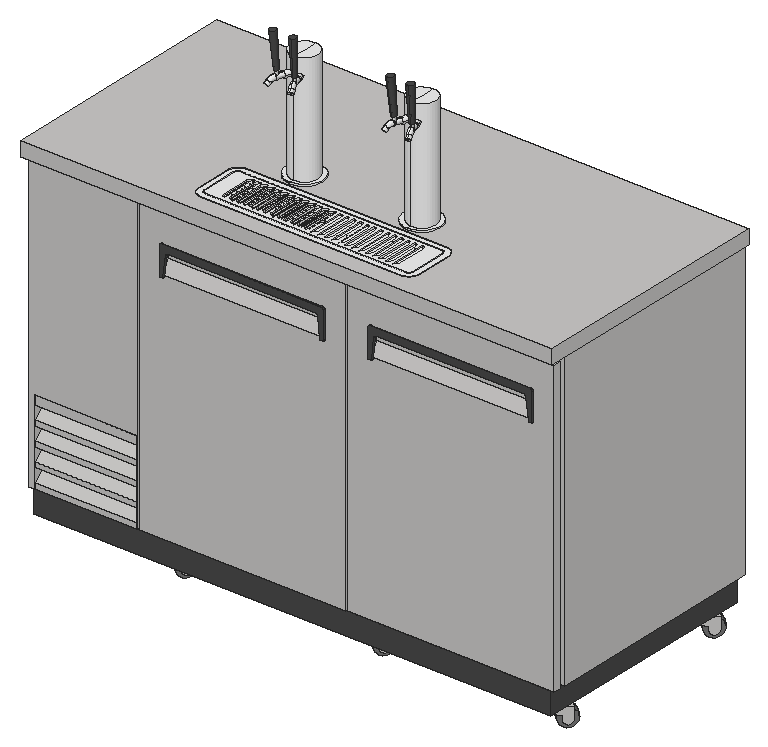
Revit family "QF_Turbo Air_TBD-2", category Specialty Equipment, Revit 2014
Parameters (values of type "TBD-2SD")
  Weight in Pounds = 303
  Watermarked By = ""
  Volts = 115 V
  URL Cutsheet = ""
  URL = "www.turboairinc.com"
  Status [instance] = ""
  Specification by User [instance] = ""
  Specification by Manufacturer [instance] = ""
  Serial Number [instance] = ""
  Revision Code [instance] = ""
  Phase = 1
  Number of Poles [instance] = 1
  NAFEM Spec ID Number [instance] = ""
  Model = "TBD-2SD"
  Masterspec [instance] = ""
  Manufacturer = "Turbo Air"  # constant formula
  Item Number [instance] = "-"
  Installed By [instance] = ""
  HP = "1/3"
  Furnished By [instance] = ""
  Foodservice Equipment Identifier = yes
  FL Amps = 7 A
  Electrical Remarks [instance] = ""
  Electric Connection Type [instance] = ""
  Elec Conn RI Height [instance] = 0' - 0"
  Elec Conn Connection Height [instance] = CasterLeg Height + 0' 2"  # 0' - 5"
  Description = "Beer Dispenser"
  Cycle = 60 Hz
  Conn Plug = "NEMA 5-15P"
  CasterLeg Height [instance] = if([2 inch Casters], 0' 3", if([4 inch Casters], 0' 5", 0' 6"))  # 0' - 3"
  CSI MasterFormat = "11 46 13"
  Body Material = QF_Stainless-Polished
  Assembly Code = "E1090320"
  Apparent Power = if(Phase = 3, Volts * FL Amps * 1.73, Volts * FL Amps)  # 805 VA
  6 inch Legs [instance] = no
  4 inch Casters [instance] = no
  2 inch Casters [instance] = yes
Reference planes (in)
  plane 1 "BACK": y = 0
  plane 2: z = 0
  plane 3 "LEFT": x = -16.56573
  plane 4 "RIGHT": x = 42.18427
  plane 5 "FRONT": y = -27.125
  plane 6 "Bumber Back": y = 2
  plane 7 "Bottom": z = 3
  plane 8 "Counter Top": z = 40
  plane 9 "Counter Bottom": z = 38.4375
  plane 10 "Vent Bottom": z = 5.5625
  plane 11 "Box Left": x = -16.19073
  plane 12 "Vents Left": x = -15.56573
  plane 13 "Vents Right": x = -4.00323
  plane 14 "Doors Back": y = -24.9375
  plane 15 "Vents Front": y = -26.375
  plane 16 "Vent Top": z = 14.8125
  plane 17 "Box Right": x = 41.80927
  plane 18: x = 18.99677
  plane 19: x = 18.80927
  plane 20 "Center Drain LR": x = 12.80927
  plane 21 "Center Drain FB": y = -21.96875
  plane 22 "Door Clearance": y = -48.375
Forms (in)
  Extrusion 1, solid, material "QF_Plastic-Black-Matte"
    sketch origin (0, 0, 3) x (0, 1, 0) y (-1, 0, 0)
      loop
        line (-0.625, 15.75323) -> (-26.3125, 15.75323) -> (-26.3125, -41.37177) -> (-0.625, -41.37177) -> (-0.625, 15.75323)
    from 0 to 2.5625
  Extrusion 2, solid, material "QF_Stainless-Polished" <- "Body Material"
    sketch origin (-15.56573, 0, 0) x (0, 1, 0) y (0, 0, 1)
      loop
        line (-26.375, 12.375) -> (-26.375, 11.8125) -> (-26, 11.8125) -> (-26, 11.875) -> (-26.3125, 11.875) -> (-26.3125, 12.34911) -> (-25.04917, 13.61244) -> (-25.09337, 13.65663) -> (-26.375, 12.375)
      loop
        line (-26.375, 10.3125) -> (-26.375, 9.75) -> (-26, 9.75) -> (-26, 9.8125) -> (-26.3125, 9.8125) -> (-26.3125, 10.28661) -> (-25.04917, 11.54994) -> (-25.09337, 11.59413) -> (-26.375, 10.3125)
      loop
        line (-26.375, 8.25) -> (-26.375, 7.6875) -> (-26, 7.6875) -> (-26, 7.75) -> (-26.3125, 7.75) -> (-26.3125, 8.22411) -> (-25.04917, 9.48744) -> (-25.09337, 9.53163) -> (-26.375, 8.25)
      loop
        line (-26.375, 6.125) -> (-26.375, 5.5625) -> (-25.8125, 5.5625) -> (-25.8125, 5.625) -> (-26.3125, 5.625) -> (-26.3125, 6.09911) -> (-25.04917, 7.36244) -> (-25.09337, 7.40663) -> (-26.375, 6.125)
      loop
        line (-26.375, 14.8125) -> (-26.375, 13.875) -> (-26, 13.875) -> (-26, 13.9375) -> (-26.3125, 13.9375) -> (-26.3125, 14.41161) -> (-25.91161, 14.8125) -> (-26.375, 14.8125)
    from 0 to 11.3125
  Extrusion 3, solid, material "QF_Plastic-Black-Matte"
    sketch origin (0, 2, 0) x (1, 0, 0) y (0, 0, 1)
      loop
        circle (-10.62823, 34.5) r 0.8125
      loop
        circle (36.24677, 34.5) r 0.8125
    from 0 to 2
  Extrusion 4, solid, material "QF_Plastic-Black-Matte"
    sketch origin (0, 0, 0) x (1, 0, 0) y (0, 0, 1)
      loop
        circle (-10.09698, 5) r 0.25
    from 0.625 to 0.5625
  Extrusion 5, solid, material "QF_Stainless-Polished" <- "Body Material"
    sketch origin (0, 0, 5.5625) x (0, 1, 0) y (-1, 0, 0)
      loop
        line (0, 16.19073) -> (-24.9375, 16.19073) -> (-24.9375, -41.80927) -> (0, -41.80927) -> (0, 16.19073)
    from 0 to 32.875
  Extrusion 6, solid, material "QF_Stainless-Polished" <- "Body Material"
    sketch origin (0, -24.9375, 0) x (1, 0, 0) y (0, 0, 1)
      loop
        line (-16.19073, 38.4375) -> (-16.19073, 5.5625) -> (-15.56573, 5.5625) -> (-15.56573, 14.8125) -> (-4.25323, 14.8125) -> (-4.25323, 5.5625) -> (-4.12823, 5.5625) -> (-4.12823, 38.4375) -> (-16.19073, 38.4375)
    from 0 to 1.4375
  Extrusion 7, solid, material "QF_Stainless-Polished"
    sketch origin (0, 0, 38.4375) x (0, 1, 0) y (-1, 0, 0)
      loop
        line (0, 16.56573) -> (-27.125, 16.56573) -> (-27.125, -42.18427) -> (0, -42.18427) -> (0, 16.56573)
      loop
        arc (-23.9375, -0.62177) -> (-24.77719, -0.96959) -> (-25.125, -1.80927) r 1.1875
        line (-25.125, -1.80927) -> (-25.125, -23.80927)
        arc (-25.125, -23.80927) -> (-24.77719, -24.64896) -> (-23.9375, -24.99677) r 1.1875
        line (-23.9375, -24.99677) -> (-20, -24.99677)
        arc (-20, -24.99677) -> (-19.16031, -24.64896) -> (-18.8125, -23.80927) r 1.1875
        line (-18.8125, -23.80927) -> (-18.8125, -1.80927)
        arc (-18.8125, -1.80927) -> (-19.16031, -0.96959) -> (-20, -0.62177) r 1.1875
        line (-20, -0.62177) -> (-23.9375, -0.62177)
    from 0 to 1.5625
  Extrusion 8, solid, material "QF_Steel-Chrome Plated"
    sketch origin (0, 0, 40) x (0, 1, 0) y (-1, 0, 0)
      loop
        arc (-18.8125, -1.80927) -> (-19.16031, -0.96959) -> (-20, -0.62177) r 1.1875
        line (-20, -0.62177) -> (-23.9375, -0.62177)
        arc (-23.9375, -0.62177) -> (-24.77719, -0.96959) -> (-25.125, -1.80927) r 1.1875
        line (-25.125, -1.80927) -> (-25.125, -23.80927)
        arc (-25.125, -23.80927) -> (-24.77719, -24.64896) -> (-23.9375, -24.99677) r 1.1875
        line (-23.9375, -24.99677) -> (-20, -24.99677)
        arc (-20, -24.99677) -> (-19.16031, -24.64896) -> (-18.8125, -23.80927) r 1.1875
        line (-18.8125, -23.80927) -> (-18.8125, -1.80927)
      loop
        arc (-19.4375, -1.80927) -> (-19.60225, -1.41153) -> (-20, -1.24677) r 0.5625
        line (-20, -1.24677) -> (-23.9375, -1.24677)
        arc (-23.9375, -1.24677) -> (-24.33525, -1.41153) -> (-24.5, -1.80927) r 0.5625
        line (-24.5, -1.80927) -> (-24.5, -23.80927)
        arc (-24.5, -23.80927) -> (-24.33525, -24.20702) -> (-23.9375, -24.37177) r 0.5625
        line (-23.9375, -24.37177) -> (-20, -24.37177)
        arc (-20, -24.37177) -> (-19.60225, -24.20702) -> (-19.4375, -23.80927) r 0.5625
        line (-19.4375, -23.80927) -> (-19.4375, -1.80927)
    from 0 to -0.125
  Extrusion 9, solid, material "QF_Steel-Chrome Plated"
    sketch origin (0, 0, 40) x (0, 1, 0) y (-1, 0, 0)
      loop
        arc (-19.5, -1.80927) -> (-19.64645, -1.45572) -> (-20, -1.30927) r 0.5
        line (-20, -1.30927) -> (-23.9375, -1.30927)
        arc (-23.9375, -1.30927) -> (-24.29105, -1.45572) -> (-24.4375, -1.80927) r 0.5
        line (-24.4375, -1.80927) -> (-24.4375, -23.80927)
        arc (-24.4375, -23.80927) -> (-24.29105, -24.16283) -> (-23.9375, -24.30927) r 0.5
        line (-23.9375, -24.30927) -> (-20, -24.30927)
        arc (-20, -24.30927) -> (-19.64645, -24.16283) -> (-19.5, -23.80927) r 0.5
        line (-19.5, -23.80927) -> (-19.5, -1.80927)
      loop
        circle (-21.96875, -12.80927) r 0.1875
      loop
        arc (-23.96875, -13.05927) -> (-23.8223, -13.41283) -> (-23.46875, -13.55927) r 0.5
        line (-23.46875, -13.55927) -> (-20.46875, -13.55927)
        arc (-20.46875, -13.55927) -> (-20.1152, -13.41283) -> (-19.96875, -13.05927) r 0.5
        line (-19.96875, -13.05927) -> (-23.96875, -13.05927)
      loop
        arc (-23.96875, -13.80927) -> (-23.8223, -14.16283) -> (-23.46875, -14.30927) r 0.5
        line (-23.46875, -14.30927) -> (-20.46875, -14.30927)
        arc (-20.46875, -14.30927) -> (-20.1152, -14.16283) -> (-19.96875, -13.80927) r 0.5
        line (-19.96875, -13.80927) -> (-23.96875, -13.80927)
      loop
        arc (-23.96875, -14.55927) -> (-23.8223, -14.91283) -> (-23.46875, -15.05927) r 0.5
        line (-23.46875, -15.05927) -> (-20.46875, -15.05927)
        arc (-20.46875, -15.05927) -> (-20.1152, -14.91283) -> (-19.96875, -14.55927) r 0.5
        line (-19.96875, -14.55927) -> (-23.96875, -14.55927)
      loop
        arc (-23.96875, -15.30927) -> (-23.8223, -15.66283) -> (-23.46875, -15.80927) r 0.5
        line (-23.46875, -15.80927) -> (-20.46875, -15.80927)
        arc (-20.46875, -15.80927) -> (-20.1152, -15.66283) -> (-19.96875, -15.30927) r 0.5
        line (-19.96875, -15.30927) -> (-23.96875, -15.30927)
      loop
        arc (-23.96875, -16.05927) -> (-23.8223, -16.41283) -> (-23.46875, -16.55927) r 0.5
        line (-23.46875, -16.55927) -> (-20.46875, -16.55927)
        arc (-20.46875, -16.55927) -> (-20.1152, -16.41283) -> (-19.96875, -16.05927) r 0.5
        line (-19.96875, -16.05927) -> (-23.96875, -16.05927)
      loop
        arc (-23.96875, -16.80927) -> (-23.8223, -17.16283) -> (-23.46875, -17.30927) r 0.5
        line (-23.46875, -17.30927) -> (-20.46875, -17.30927)
        arc (-20.46875, -17.30927) -> (-20.1152, -17.16283) -> (-19.96875, -16.80927) r 0.5
        line (-19.96875, -16.80927) -> (-23.96875, -16.80927)
      loop
        arc (-23.96875, -17.55927) -> (-23.8223, -17.91283) -> (-23.46875, -18.05927) r 0.5
        line (-23.46875, -18.05927) -> (-20.46875, -18.05927)
        arc (-20.46875, -18.05927) -> (-20.1152, -17.91283) -> (-19.96875, -17.55927) r 0.5
        line (-19.96875, -17.55927) -> (-23.96875, -17.55927)
      loop
        line (-23.96875, -12.55927) -> (-19.96875, -12.55927)
        arc (-19.96875, -12.55927) -> (-20.1152, -12.20572) -> (-20.46875, -12.05927) r 0.5
        line (-20.46875, -12.05927) -> (-23.46875, -12.05927)
        arc (-23.46875, -12.05927) -> (-23.8223, -12.20572) -> (-23.96875, -12.55927) r 0.5
      loop
        line (-23.96875, -11.80927) -> (-19.96875, -11.80927)
        arc (-19.96875, -11.80927) -> (-20.1152, -11.45572) -> (-20.46875, -11.30927) r 0.5
        line (-20.46875, -11.30927) -> (-23.46875, -11.30927)
        arc (-23.46875, -11.30927) -> (-23.8223, -11.45572) -> (-23.96875, -11.80927) r 0.5
      loop
        line (-23.96875, -11.05927) -> (-19.96875, -11.05927)
        arc (-19.96875, -11.05927) -> (-20.1152, -10.70572) -> (-20.46875, -10.55927) r 0.5
        line (-20.46875, -10.55927) -> (-23.46875, -10.55927)
        arc (-23.46875, -10.55927) -> (-23.8223, -10.70572) -> (-23.96875, -11.05927) r 0.5
      loop
        line (-23.96875, -10.30927) -> (-19.96875, -10.30927)
        arc (-19.96875, -10.30927) -> (-20.1152, -9.95572) -> (-20.46875, -9.80927) r 0.5
        line (-20.46875, -9.80927) -> (-23.46875, -9.80927)
        arc (-23.46875, -9.80927) -> (-23.8223, -9.95572) -> (-23.96875, -10.30927) r 0.5
      loop
        line (-23.96875, -9.55927) -> (-19.96875, -9.55927)
        arc (-19.96875, -9.55927) -> (-20.1152, -9.20572) -> (-20.46875, -9.05927) r 0.5
        line (-20.46875, -9.05927) -> (-23.46875, -9.05927)
        arc (-23.46875, -9.05927) -> (-23.8223, -9.20572) -> (-23.96875, -9.55927) r 0.5
      loop
        line (-23.96875, -8.80927) -> (-19.96875, -8.80927)
        arc (-19.96875, -8.80927) -> (-20.1152, -8.45572) -> (-20.46875, -8.30927) r 0.5
        line (-20.46875, -8.30927) -> (-23.46875, -8.30927)
        arc (-23.46875, -8.30927) -> (-23.8223, -8.45572) -> (-23.96875, -8.80927) r 0.5
      loop
        line (-23.96875, -8.05927) -> (-19.96875, -8.05927)
        arc (-19.96875, -8.05927) -> (-20.1152, -7.70572) -> (-20.46875, -7.55927) r 0.5
        line (-20.46875, -7.55927) -> (-23.46875, -7.55927)
        arc (-23.46875, -7.55927) -> (-23.8223, -7.70572) -> (-23.96875, -8.05927) r 0.5
      loop
        line (-23.96875, -7.30927) -> (-19.96875, -7.30927)
        arc (-19.96875, -7.30927) -> (-20.1152, -6.95572) -> (-20.46875, -6.80927) r 0.5
        line (-20.46875, -6.80927) -> (-23.46875, -6.80927)
        arc (-23.46875, -6.80927) -> (-23.8223, -6.95572) -> (-23.96875, -7.30927) r 0.5
      loop
        line (-23.96875, -6.55927) -> (-19.96875, -6.55927)
        arc (-19.96875, -6.55927) -> (-20.1152, -6.20572) -> (-20.46875, -6.05927) r 0.5
        line (-20.46875, -6.05927) -> (-23.46875, -6.05927)
        arc (-23.46875, -6.05927) -> (-23.8223, -6.20572) -> (-23.96875, -6.55927) r 0.5
      loop
        line (-23.96875, -5.80927) -> (-19.96875, -5.80927)
        arc (-19.96875, -5.80927) -> (-20.1152, -5.45572) -> (-20.46875, -5.30927) r 0.5
        line (-20.46875, -5.30927) -> (-23.46875, -5.30927)
        arc (-23.46875, -5.30927) -> (-23.8223, -5.45572) -> (-23.96875, -5.80927) r 0.5
      loop
        line (-23.96875, -5.05927) -> (-19.96875, -5.05927)
        arc (-19.96875, -5.05927) -> (-20.1152, -4.70572) -> (-20.46875, -4.55927) r 0.5
        line (-20.46875, -4.55927) -> (-23.46875, -4.55927)
        arc (-23.46875, -4.55927) -> (-23.8223, -4.70572) -> (-23.96875, -5.05927) r 0.5
      loop
        line (-23.96875, -4.30927) -> (-19.96875, -4.30927)
        arc (-19.96875, -4.30927) -> (-20.1152, -3.95572) -> (-20.46875, -3.80927) r 0.5
        line (-20.46875, -3.80927) -> (-23.46875, -3.80927)
        arc (-23.46875, -3.80927) -> (-23.8223, -3.95572) -> (-23.96875, -4.30927) r 0.5
      loop
        line (-23.96875, -3.55927) -> (-19.96875, -3.55927)
        arc (-19.96875, -3.55927) -> (-20.1152, -3.20572) -> (-20.46875, -3.05927) r 0.5
        line (-20.46875, -3.05927) -> (-23.46875, -3.05927)
        arc (-23.46875, -3.05927) -> (-23.8223, -3.20572) -> (-23.96875, -3.55927) r 0.5
      loop
        arc (-23.96875, -18.30927) -> (-23.8223, -18.66283) -> (-23.46875, -18.80927) r 0.5
        line (-23.46875, -18.80927) -> (-20.46875, -18.80927)
        arc (-20.46875, -18.80927) -> (-20.1152, -18.66283) -> (-19.96875, -18.30927) r 0.5
        line (-19.96875, -18.30927) -> (-23.96875, -18.30927)
      loop
        arc (-23.96875, -19.05927) -> (-23.8223, -19.41283) -> (-23.46875, -19.55927) r 0.5
        line (-23.46875, -19.55927) -> (-20.46875, -19.55927)
        arc (-20.46875, -19.55927) -> (-20.1152, -19.41283) -> (-19.96875, -19.05927) r 0.5
        line (-19.96875, -19.05927) -> (-23.96875, -19.05927)
      loop
        arc (-23.96875, -19.80927) -> (-23.8223, -20.16283) -> (-23.46875, -20.30927) r 0.5
        line (-23.46875, -20.30927) -> (-20.46875, -20.30927)
        arc (-20.46875, -20.30927) -> (-20.1152, -20.16283) -> (-19.96875, -19.80927) r 0.5
        line (-19.96875, -19.80927) -> (-23.96875, -19.80927)
      loop
        arc (-23.96875, -20.55927) -> (-23.8223, -20.91283) -> (-23.46875, -21.05927) r 0.5
        line (-23.46875, -21.05927) -> (-20.46875, -21.05927)
        arc (-20.46875, -21.05927) -> (-20.1152, -20.91283) -> (-19.96875, -20.55927) r 0.5
        line (-19.96875, -20.55927) -> (-23.96875, -20.55927)
      loop
        arc (-23.96875, -21.30927) -> (-23.8223, -21.66283) -> (-23.46875, -21.80927) r 0.5
        line (-23.46875, -21.80927) -> (-20.46875, -21.80927)
        arc (-20.46875, -21.80927) -> (-20.1152, -21.66283) -> (-19.96875, -21.30927) r 0.5
        line (-19.96875, -21.30927) -> (-23.96875, -21.30927)
      loop
        arc (-23.96875, -22.05927) -> (-23.8223, -22.41283) -> (-23.46875, -22.55927) r 0.5
        line (-23.46875, -22.55927) -> (-20.46875, -22.55927)
        arc (-20.46875, -22.55927) -> (-20.1152, -22.41283) -> (-19.96875, -22.05927) r 0.5
        line (-19.96875, -22.05927) -> (-23.96875, -22.05927)
    from 0 to -0.125
  Extrusion 10, solid, material "QF_Steel-Chrome Plated"
    sketch origin (17.33367, 0.125, 38.45227) x (0, 1, 0) y (-0.939693, 0, 0.34202)
      loop
        line (-20.09432, 4.56363) -> (-24.09318, 4.56363)
        arc (-24.09318, 4.56363) -> (-23.94406, 4.20362) -> (-23.58405, 4.0545) r 0.50913
        line (-23.58405, 4.0545) -> (-20.60345, 4.0545)
        arc (-20.60345, 4.0545) -> (-20.24344, 4.20362) -> (-20.09432, 4.56363) r 0.50913
    from -0.0625 to -0.125
  Extrusion 11, solid, material "QF_Steel-Chrome Plated"
    sketch origin (18.08367, 0.125, 38.45227) x (0, 1, 0) y (-0.939693, 0, 0.34202)
      loop
        line (-20.09432, 4.56363) -> (-24.09318, 4.56363)
        arc (-24.09318, 4.56363) -> (-23.94406, 4.20362) -> (-23.58405, 4.0545) r 0.50913
        line (-23.58405, 4.0545) -> (-20.60345, 4.0545)
        arc (-20.60345, 4.0545) -> (-20.24344, 4.20362) -> (-20.09432, 4.56363) r 0.50913
    from -0.0625 to -0.125
  Extrusion 12, solid, material "QF_Steel-Chrome Plated"
    sketch origin (18.83367, 0.125, 38.45227) x (0, 1, 0) y (-0.939693, 0, 0.34202)
      loop
        line (-20.09432, 4.56363) -> (-24.09318, 4.56363)
        arc (-24.09318, 4.56363) -> (-23.94406, 4.20362) -> (-23.58405, 4.0545) r 0.50913
        line (-23.58405, 4.0545) -> (-20.60345, 4.0545)
        arc (-20.60345, 4.0545) -> (-20.24344, 4.20362) -> (-20.09432, 4.56363) r 0.50913
    from -0.0625 to -0.125
  Extrusion 13, solid, material "QF_Steel-Chrome Plated"
    sketch origin (19.58367, 0.125, 38.45227) x (0, 1, 0) y (-0.939693, 0, 0.34202)
      loop
        line (-20.09432, 4.56363) -> (-24.09318, 4.56363)
        arc (-24.09318, 4.56363) -> (-23.94406, 4.20362) -> (-23.58405, 4.0545) r 0.50913
        line (-23.58405, 4.0545) -> (-20.60345, 4.0545)
        arc (-20.60345, 4.0545) -> (-20.24344, 4.20362) -> (-20.09432, 4.56363) r 0.50913
    from -0.0625 to -0.125
  Extrusion 14, solid, material "QF_Steel-Chrome Plated"
    sketch origin (20.33367, 0.125, 38.45227) x (0, 1, 0) y (-0.939693, 0, 0.34202)
      loop
        line (-20.09432, 4.56363) -> (-24.09318, 4.56363)
        arc (-24.09318, 4.56363) -> (-23.94406, 4.20362) -> (-23.58405, 4.0545) r 0.50913
        line (-23.58405, 4.0545) -> (-20.60345, 4.0545)
        arc (-20.60345, 4.0545) -> (-20.24344, 4.20362) -> (-20.09432, 4.56363) r 0.50913
    from -0.0625 to -0.125
  Extrusion 15, solid, material "QF_Steel-Chrome Plated"
    sketch origin (21.08367, 0.125, 38.45227) x (0, 1, 0) y (-0.939693, 0, 0.34202)
      loop
        line (-20.09432, 4.56363) -> (-24.09318, 4.56363)
        arc (-24.09318, 4.56363) -> (-23.94406, 4.20362) -> (-23.58405, 4.0545) r 0.50913
        line (-23.58405, 4.0545) -> (-20.60345, 4.0545)
        arc (-20.60345, 4.0545) -> (-20.24344, 4.20362) -> (-20.09432, 4.56363) r 0.50913
    from -0.0625 to -0.125
  Extrusion 16, solid, material "QF_Steel-Chrome Plated"
    sketch origin (21.83367, 0.125, 38.45227) x (0, 1, 0) y (-0.939693, 0, 0.34202)
      loop
        line (-20.09432, 4.56363) -> (-24.09318, 4.56363)
        arc (-24.09318, 4.56363) -> (-23.94406, 4.20362) -> (-23.58405, 4.0545) r 0.50913
        line (-23.58405, 4.0545) -> (-20.60345, 4.0545)
        arc (-20.60345, 4.0545) -> (-20.24344, 4.20362) -> (-20.09432, 4.56363) r 0.50913
    from -0.0625 to -0.125
  Extrusion 17, solid, material "QF_Steel-Chrome Plated"
    sketch origin (8.28487, 0.125, 38.45227) x (0, 1, 0) y (-0.939693, 0, -0.34202)
      loop
        arc (-20.09432, -4.56363) -> (-20.24344, -4.20362) -> (-20.60345, -4.0545) r 0.50913
        line (-20.60345, -4.0545) -> (-23.58405, -4.0545)
        arc (-23.58405, -4.0545) -> (-23.94406, -4.20362) -> (-24.09318, -4.56363) r 0.50913
        line (-24.09318, -4.56363) -> (-20.09432, -4.56363)
    from -0.0625 to -0.125
  Extrusion 18, solid, material "QF_Steel-Chrome Plated"
    sketch origin (7.53487, 0.125, 38.45227) x (0, 1, 0) y (-0.939693, 0, -0.34202)
      loop
        arc (-20.09432, -4.56363) -> (-20.24344, -4.20362) -> (-20.60345, -4.0545) r 0.50913
        line (-20.60345, -4.0545) -> (-23.58405, -4.0545)
        arc (-23.58405, -4.0545) -> (-23.94406, -4.20362) -> (-24.09318, -4.56363) r 0.50913
        line (-24.09318, -4.56363) -> (-20.09432, -4.56363)
    from -0.0625 to -0.125
  Extrusion 19, solid, material "QF_Steel-Chrome Plated"
    sketch origin (6.78487, 0.125, 38.45227) x (0, 1, 0) y (-0.939693, 0, -0.34202)
      loop
        arc (-20.09432, -4.56363) -> (-20.24344, -4.20362) -> (-20.60345, -4.0545) r 0.50913
        line (-20.60345, -4.0545) -> (-23.58405, -4.0545)
        arc (-23.58405, -4.0545) -> (-23.94406, -4.20362) -> (-24.09318, -4.56363) r 0.50913
        line (-24.09318, -4.56363) -> (-20.09432, -4.56363)
    from -0.0625 to -0.125
  Extrusion 20, solid, material "QF_Steel-Chrome Plated"
    sketch origin (6.03487, 0.125, 38.45227) x (0, 1, 0) y (-0.939693, 0, -0.34202)
      loop
        arc (-20.09432, -4.56363) -> (-20.24344, -4.20362) -> (-20.60345, -4.0545) r 0.50913
        line (-20.60345, -4.0545) -> (-23.58405, -4.0545)
        arc (-23.58405, -4.0545) -> (-23.94406, -4.20362) -> (-24.09318, -4.56363) r 0.50913
        line (-24.09318, -4.56363) -> (-20.09432, -4.56363)
    from -0.0625 to -0.125
  Extrusion 21, solid, material "QF_Steel-Chrome Plated"
    sketch origin (5.28487, 0.125, 38.45227) x (0, 1, 0) y (-0.939693, 0, -0.34202)
      loop
        arc (-20.09432, -4.56363) -> (-20.24344, -4.20362) -> (-20.60345, -4.0545) r 0.50913
        line (-20.60345, -4.0545) -> (-23.58405, -4.0545)
        arc (-23.58405, -4.0545) -> (-23.94406, -4.20362) -> (-24.09318, -4.56363) r 0.50913
        line (-24.09318, -4.56363) -> (-20.09432, -4.56363)
    from -0.0625 to -0.125
  Extrusion 22, solid, material "QF_Steel-Chrome Plated"
    sketch origin (4.53487, 0.125, 38.45227) x (0, 1, 0) y (-0.939693, 0, -0.34202)
      loop
        arc (-20.09432, -4.56363) -> (-20.24344, -4.20362) -> (-20.60345, -4.0545) r 0.50913
        line (-20.60345, -4.0545) -> (-23.58405, -4.0545)
        arc (-23.58405, -4.0545) -> (-23.94406, -4.20362) -> (-24.09318, -4.56363) r 0.50913
        line (-24.09318, -4.56363) -> (-20.09432, -4.56363)
    from -0.0625 to -0.125
  Extrusion 23, solid, material "QF_Steel-Chrome Plated"
    sketch origin (3.78487, 0.125, 38.45227) x (0, 1, 0) y (-0.939693, 0, -0.34202)
      loop
        arc (-20.09432, -4.56363) -> (-20.24344, -4.20362) -> (-20.60345, -4.0545) r 0.50913
        line (-20.60345, -4.0545) -> (-23.58405, -4.0545)
        arc (-23.58405, -4.0545) -> (-23.94406, -4.20362) -> (-24.09318, -4.56363) r 0.50913
        line (-24.09318, -4.56363) -> (-20.09432, -4.56363)
    from -0.0625 to -0.125
  Extrusion 24, solid, material "QF_Steel-Chrome Plated", not visible
    sketch origin (-0.22883, 0, 37.95227) x (0, 1, 0) y (-0.939693, 0, 0.34202)
      loop
        line (-20.09432, 4.56363) -> (-24.09318, 4.56363)
        arc (-24.09318, 4.56363) -> (-23.94406, 4.20362) -> (-23.58405, 4.0545) r 0.50913
        line (-23.58405, 4.0545) -> (-20.60345, 4.0545)
        arc (-20.60345, 4.0545) -> (-20.24344, 4.20362) -> (-20.09432, 4.56363) r 0.50913
    from -0.0625 to -0.125
  Extrusion 25, solid, material "QF_Steel-Chrome Plated", not visible
    sketch origin (0.52117, 0, 37.95227) x (0, 1, 0) y (-0.939693, 0, 0.34202)
      loop
        line (-20.09432, 4.56363) -> (-24.09318, 4.56363)
        arc (-24.09318, 4.56363) -> (-23.94406, 4.20362) -> (-23.58405, 4.0545) r 0.50913
        line (-23.58405, 4.0545) -> (-20.60345, 4.0545)
        arc (-20.60345, 4.0545) -> (-20.24344, 4.20362) -> (-20.09432, 4.56363) r 0.50913
    from -0.0625 to -0.125
  Extrusion 26, solid, material "QF_Steel-Chrome Plated", not visible
    sketch origin (1.27117, 0, 37.95227) x (0, 1, 0) y (-0.939693, 0, 0.34202)
      loop
        line (-20.09432, 4.56363) -> (-24.09318, 4.56363)
        arc (-24.09318, 4.56363) -> (-23.94406, 4.20362) -> (-23.58405, 4.0545) r 0.50913
        line (-23.58405, 4.0545) -> (-20.60345, 4.0545)
        arc (-20.60345, 4.0545) -> (-20.24344, 4.20362) -> (-20.09432, 4.56363) r 0.50913
    from -0.0625 to -0.125
  Extrusion 27, solid, material "QF_Steel-Chrome Plated", not visible
    sketch origin (2.02117, 0, 37.95227) x (0, 1, 0) y (-0.939693, 0, 0.34202)
      loop
        line (-20.09432, 4.56363) -> (-24.09318, 4.56363)
        arc (-24.09318, 4.56363) -> (-23.94406, 4.20362) -> (-23.58405, 4.0545) r 0.50913
        line (-23.58405, 4.0545) -> (-20.60345, 4.0545)
        arc (-20.60345, 4.0545) -> (-20.24344, 4.20362) -> (-20.09432, 4.56363) r 0.50913
    from -0.0625 to -0.125
  Extrusion 28, solid, material "QF_Steel-Chrome Plated", not visible
    sketch origin (2.77117, 0, 37.95227) x (0, 1, 0) y (-0.939693, 0, 0.34202)
      loop
        line (-20.09432, 4.56363) -> (-24.09318, 4.56363)
        arc (-24.09318, 4.56363) -> (-23.94406, 4.20362) -> (-23.58405, 4.0545) r 0.50913
        line (-23.58405, 4.0545) -> (-20.60345, 4.0545)
        arc (-20.60345, 4.0545) -> (-20.24344, 4.20362) -> (-20.09432, 4.56363) r 0.50913
    from -0.0625 to -0.125
  Extrusion 29, solid, material "QF_Steel-Chrome Plated", not visible
    sketch origin (3.52117, 0, 37.95227) x (0, 1, 0) y (-0.939693, 0, 0.34202)
      loop
        line (-20.09432, 4.56363) -> (-24.09318, 4.56363)
        arc (-24.09318, 4.56363) -> (-23.94406, 4.20362) -> (-23.58405, 4.0545) r 0.50913
        line (-23.58405, 4.0545) -> (-20.60345, 4.0545)
        arc (-20.60345, 4.0545) -> (-20.24344, 4.20362) -> (-20.09432, 4.56363) r 0.50913
    from -0.0625 to -0.125
  Extrusion 30, solid, material "QF_Steel-Chrome Plated", not visible
    sketch origin (4.27117, 0, 37.95227) x (0, 1, 0) y (-0.939693, 0, 0.34202)
      loop
        line (-20.09432, 4.56363) -> (-24.09318, 4.56363)
        arc (-24.09318, 4.56363) -> (-23.94406, 4.20362) -> (-23.58405, 4.0545) r 0.50913
        line (-23.58405, 4.0545) -> (-20.60345, 4.0545)
        arc (-20.60345, 4.0545) -> (-20.24344, 4.20362) -> (-20.09432, 4.56363) r 0.50913
    from -0.0625 to -0.125
  Extrusion 31, solid, material "QF_Steel-Chrome Plated", not visible
    sketch origin (-9.27763, 0, 37.95227) x (0, 1, 0) y (-0.939693, 0, -0.34202)
      loop
        arc (-20.09432, -4.56363) -> (-20.24344, -4.20362) -> (-20.60345, -4.0545) r 0.50913
        line (-20.60345, -4.0545) -> (-23.58405, -4.0545)
        arc (-23.58405, -4.0545) -> (-23.94406, -4.20362) -> (-24.09318, -4.56363) r 0.50913
        line (-24.09318, -4.56363) -> (-20.09432, -4.56363)
    from -0.0625 to -0.125
  Extrusion 32, solid, material "QF_Steel-Chrome Plated", not visible
    sketch origin (-10.02763, 0, 37.95227) x (0, 1, 0) y (-0.939693, 0, -0.34202)
      loop
        arc (-20.09432, -4.56363) -> (-20.24344, -4.20362) -> (-20.60345, -4.0545) r 0.50913
        line (-20.60345, -4.0545) -> (-23.58405, -4.0545)
        arc (-23.58405, -4.0545) -> (-23.94406, -4.20362) -> (-24.09318, -4.56363) r 0.50913
        line (-24.09318, -4.56363) -> (-20.09432, -4.56363)
    from -0.0625 to -0.125
  Extrusion 33, solid, material "QF_Steel-Chrome Plated", not visible
    sketch origin (-10.77763, 0, 37.95227) x (0, 1, 0) y (-0.939693, 0, -0.34202)
      loop
        arc (-20.09432, -4.56363) -> (-20.24344, -4.20362) -> (-20.60345, -4.0545) r 0.50913
        line (-20.60345, -4.0545) -> (-23.58405, -4.0545)
        arc (-23.58405, -4.0545) -> (-23.94406, -4.20362) -> (-24.09318, -4.56363) r 0.50913
        line (-24.09318, -4.56363) -> (-20.09432, -4.56363)
    from -0.0625 to -0.125
  Extrusion 34, solid, material "QF_Steel-Chrome Plated", not visible
    sketch origin (-11.52763, 0, 37.95227) x (0, 1, 0) y (-0.939693, 0, -0.34202)
      loop
        arc (-20.09432, -4.56363) -> (-20.24344, -4.20362) -> (-20.60345, -4.0545) r 0.50913
        line (-20.60345, -4.0545) -> (-23.58405, -4.0545)
        arc (-23.58405, -4.0545) -> (-23.94406, -4.20362) -> (-24.09318, -4.56363) r 0.50913
        line (-24.09318, -4.56363) -> (-20.09432, -4.56363)
    from -0.0625 to -0.125
  Extrusion 35, solid, material "QF_Steel-Chrome Plated", not visible
    sketch origin (-12.27763, 0, 37.95227) x (0, 1, 0) y (-0.939693, 0, -0.34202)
      loop
        arc (-20.09432, -4.56363) -> (-20.24344, -4.20362) -> (-20.60345, -4.0545) r 0.50913
        line (-20.60345, -4.0545) -> (-23.58405, -4.0545)
        arc (-23.58405, -4.0545) -> (-23.94406, -4.20362) -> (-24.09318, -4.56363) r 0.50913
        line (-24.09318, -4.56363) -> (-20.09432, -4.56363)
    from -0.0625 to -0.125
  Extrusion 36, solid, material "QF_Steel-Chrome Plated", not visible
    sketch origin (-13.02763, 0, 37.95227) x (0, 1, 0) y (-0.939693, 0, -0.34202)
      loop
        arc (-20.09432, -4.56363) -> (-20.24344, -4.20362) -> (-20.60345, -4.0545) r 0.50913
        line (-20.60345, -4.0545) -> (-23.58405, -4.0545)
        arc (-23.58405, -4.0545) -> (-23.94406, -4.20362) -> (-24.09318, -4.56363) r 0.50913
        line (-24.09318, -4.56363) -> (-20.09432, -4.56363)
    from -0.0625 to -0.125
  Extrusion 37, solid, material "QF_Steel-Chrome Plated", not visible
    sketch origin (-13.77763, 0, 37.95227) x (0, 1, 0) y (-0.939693, 0, -0.34202)
      loop
        arc (-20.09432, -4.56363) -> (-20.24344, -4.20362) -> (-20.60345, -4.0545) r 0.50913
        line (-20.60345, -4.0545) -> (-23.58405, -4.0545)
        arc (-23.58405, -4.0545) -> (-23.94406, -4.20362) -> (-24.09318, -4.56363) r 0.50913
        line (-24.09318, -4.56363) -> (-20.09432, -4.56363)
    from -0.0625 to -0.125
  Extrusion 38, solid, material "QF_Steel-Chrome Plated"
    sketch origin (3.03487, 0.125, 38.45227) x (0, 1, 0) y (-0.939693, 0, -0.34202)
      loop
        arc (-20.09432, -4.56363) -> (-20.24344, -4.20362) -> (-20.60345, -4.0545) r 0.50913
        line (-20.60345, -4.0545) -> (-23.58405, -4.0545)
        arc (-23.58405, -4.0545) -> (-23.94406, -4.20362) -> (-24.09318, -4.56363) r 0.50913
        line (-24.09318, -4.56363) -> (-20.09432, -4.56363)
    from -0.0625 to -0.125
  Extrusion 39, solid, material "QF_Steel-Chrome Plated"
    sketch origin (2.28487, 0.125, 38.45227) x (0, 1, 0) y (-0.939693, 0, -0.34202)
      loop
        arc (-20.09432, -4.56363) -> (-20.24344, -4.20362) -> (-20.60345, -4.0545) r 0.50913
        line (-20.60345, -4.0545) -> (-23.58405, -4.0545)
        arc (-23.58405, -4.0545) -> (-23.94406, -4.20362) -> (-24.09318, -4.56363) r 0.50913
        line (-24.09318, -4.56363) -> (-20.09432, -4.56363)
    from -0.0625 to -0.125
  Extrusion 40, solid, material "QF_Steel-Chrome Plated"
    sketch origin (1.53487, 0.125, 38.45227) x (0, 1, 0) y (-0.939693, 0, -0.34202)
      loop
        arc (-20.09432, -4.56363) -> (-20.24344, -4.20362) -> (-20.60345, -4.0545) r 0.50913
        line (-20.60345, -4.0545) -> (-23.58405, -4.0545)
        arc (-23.58405, -4.0545) -> (-23.94406, -4.20362) -> (-24.09318, -4.56363) r 0.50913
        line (-24.09318, -4.56363) -> (-20.09432, -4.56363)
    from -0.0625 to -0.125
  Extrusion 41, solid, material "QF_Steel-Chrome Plated"
    sketch origin (0.78487, 0.125, 38.45227) x (0, 1, 0) y (-0.939693, 0, -0.34202)
      loop
        arc (-20.09432, -4.56363) -> (-20.24344, -4.20362) -> (-20.60345, -4.0545) r 0.50913
        line (-20.60345, -4.0545) -> (-23.58405, -4.0545)
        arc (-23.58405, -4.0545) -> (-23.94406, -4.20362) -> (-24.09318, -4.56363) r 0.50913
        line (-24.09318, -4.56363) -> (-20.09432, -4.56363)
    from -0.0625 to -0.125
  Extrusion 42, solid, material "QF_Steel-Chrome Plated"
    sketch origin (0.03487, 0.125, 38.45227) x (0, 1, 0) y (-0.939693, 0, -0.34202)
      loop
        arc (-20.09432, -4.56363) -> (-20.24344, -4.20362) -> (-20.60345, -4.0545) r 0.50913
        line (-20.60345, -4.0545) -> (-23.58405, -4.0545)
        arc (-23.58405, -4.0545) -> (-23.94406, -4.20362) -> (-24.09318, -4.56363) r 0.50913
        line (-24.09318, -4.56363) -> (-20.09432, -4.56363)
    from -0.0625 to -0.125
  Extrusion 43, solid, material "QF_Steel-Chrome Plated"
    sketch origin (-0.71513, 0.125, 38.45227) x (0, 1, 0) y (-0.939693, 0, -0.34202)
      loop
        arc (-20.09432, -4.56363) -> (-20.24344, -4.20362) -> (-20.60345, -4.0545) r 0.50913
        line (-20.60345, -4.0545) -> (-23.58405, -4.0545)
        arc (-23.58405, -4.0545) -> (-23.94406, -4.20362) -> (-24.09318, -4.56363) r 0.50913
        line (-24.09318, -4.56363) -> (-20.09432, -4.56363)
    from -0.0625 to -0.125
  Extrusion 44, solid, material "QF_Steel-Chrome Plated"
    sketch origin (22.58367, 0.125, 38.45227) x (0, 1, 0) y (-0.939693, 0, 0.34202)
      loop
        line (-20.09432, 4.56363) -> (-24.09318, 4.56363)
        arc (-24.09318, 4.56363) -> (-23.94406, 4.20362) -> (-23.58405, 4.0545) r 0.50913
        line (-23.58405, 4.0545) -> (-20.60345, 4.0545)
        arc (-20.60345, 4.0545) -> (-20.24344, 4.20362) -> (-20.09432, 4.56363) r 0.50913
    from -0.0625 to -0.125
  Extrusion 45, solid, material "QF_Steel-Chrome Plated"
    sketch origin (23.33367, 0.125, 38.45227) x (0, 1, 0) y (-0.939693, 0, 0.34202)
      loop
        line (-20.09432, 4.56363) -> (-24.09318, 4.56363)
        arc (-24.09318, 4.56363) -> (-23.94406, 4.20362) -> (-23.58405, 4.0545) r 0.50913
        line (-23.58405, 4.0545) -> (-20.60345, 4.0545)
        arc (-20.60345, 4.0545) -> (-20.24344, 4.20362) -> (-20.09432, 4.56363) r 0.50913
    from -0.0625 to -0.125
  Extrusion 46, solid, material "QF_Steel-Chrome Plated"
    sketch origin (24.08367, 0.125, 38.45227) x (0, 1, 0) y (-0.939693, 0, 0.34202)
      loop
        line (-20.09432, 4.56363) -> (-24.09318, 4.56363)
        arc (-24.09318, 4.56363) -> (-23.94406, 4.20362) -> (-23.58405, 4.0545) r 0.50913
        line (-23.58405, 4.0545) -> (-20.60345, 4.0545)
        arc (-20.60345, 4.0545) -> (-20.24344, 4.20362) -> (-20.09432, 4.56363) r 0.50913
    from -0.0625 to -0.125
  Extrusion 47, solid, material "QF_Steel-Chrome Plated"
    sketch origin (24.83367, 0.125, 38.45227) x (0, 1, 0) y (-0.939693, 0, 0.34202)
      loop
        line (-20.09432, 4.56363) -> (-24.09318, 4.56363)
        arc (-24.09318, 4.56363) -> (-23.94406, 4.20362) -> (-23.58405, 4.0545) r 0.50913
        line (-23.58405, 4.0545) -> (-20.60345, 4.0545)
        arc (-20.60345, 4.0545) -> (-20.24344, 4.20362) -> (-20.09432, 4.56363) r 0.50913
    from -0.0625 to -0.125
  Extrusion 48, solid, material "QF_Steel-Chrome Plated"
    sketch origin (25.58367, 0.125, 38.45227) x (0, 1, 0) y (-0.939693, 0, 0.34202)
      loop
        line (-20.09432, 4.56363) -> (-24.09318, 4.56363)
        arc (-24.09318, 4.56363) -> (-23.94406, 4.20362) -> (-23.58405, 4.0545) r 0.50913
        line (-23.58405, 4.0545) -> (-20.60345, 4.0545)
        arc (-20.60345, 4.0545) -> (-20.24344, 4.20362) -> (-20.09432, 4.56363) r 0.50913
    from -0.0625 to -0.125
  Extrusion 49, solid, material "QF_Steel-Chrome Plated"
    sketch origin (26.33367, 0.125, 38.45227) x (0, 1, 0) y (-0.939693, 0, 0.34202)
      loop
        line (-20.09432, 4.56363) -> (-24.09318, 4.56363)
        arc (-24.09318, 4.56363) -> (-23.94406, 4.20362) -> (-23.58405, 4.0545) r 0.50913
        line (-23.58405, 4.0545) -> (-20.60345, 4.0545)
        arc (-20.60345, 4.0545) -> (-20.24344, 4.20362) -> (-20.09432, 4.56363) r 0.50913
    from -0.0625 to -0.125
  Extrusion 50, solid, material "QF_Steel-Chrome Plated", not visible
    sketch origin (-14.52763, 0, 37.95227) x (0, 1, 0) y (-0.939693, 0, -0.34202)
      loop
        arc (-20.09432, -4.56363) -> (-20.24344, -4.20362) -> (-20.60345, -4.0545) r 0.50913
        line (-20.60345, -4.0545) -> (-23.58405, -4.0545)
        arc (-23.58405, -4.0545) -> (-23.94406, -4.20362) -> (-24.09318, -4.56363) r 0.50913
        line (-24.09318, -4.56363) -> (-20.09432, -4.56363)
    from -0.0625 to -0.125
  Extrusion 51, solid, material "QF_Steel-Chrome Plated", not visible
    sketch origin (-15.27763, 0, 37.95227) x (0, 1, 0) y (-0.939693, 0, -0.34202)
      loop
        arc (-20.09432, -4.56363) -> (-20.24344, -4.20362) -> (-20.60345, -4.0545) r 0.50913
        line (-20.60345, -4.0545) -> (-23.58405, -4.0545)
        arc (-23.58405, -4.0545) -> (-23.94406, -4.20362) -> (-24.09318, -4.56363) r 0.50913
        line (-24.09318, -4.56363) -> (-20.09432, -4.56363)
    from -0.0625 to -0.125
  Extrusion 52, solid, material "QF_Steel-Chrome Plated", not visible
    sketch origin (-16.02763, 0, 37.95227) x (0, 1, 0) y (-0.939693, 0, -0.34202)
      loop
        arc (-20.09432, -4.56363) -> (-20.24344, -4.20362) -> (-20.60345, -4.0545) r 0.50913
        line (-20.60345, -4.0545) -> (-23.58405, -4.0545)
        arc (-23.58405, -4.0545) -> (-23.94406, -4.20362) -> (-24.09318, -4.56363) r 0.50913
        line (-24.09318, -4.56363) -> (-20.09432, -4.56363)
    from -0.0625 to -0.125
  Extrusion 53, solid, material "QF_Steel-Chrome Plated", not visible
    sketch origin (-16.77763, 0, 37.95227) x (0, 1, 0) y (-0.939693, 0, -0.34202)
      loop
        arc (-20.09432, -4.56363) -> (-20.24344, -4.20362) -> (-20.60345, -4.0545) r 0.50913
        line (-20.60345, -4.0545) -> (-23.58405, -4.0545)
        arc (-23.58405, -4.0545) -> (-23.94406, -4.20362) -> (-24.09318, -4.56363) r 0.50913
        line (-24.09318, -4.56363) -> (-20.09432, -4.56363)
    from -0.0625 to -0.125
  Extrusion 54, solid, material "QF_Steel-Chrome Plated", not visible
    sketch origin (-17.52763, 0, 37.95227) x (0, 1, 0) y (-0.939693, 0, -0.34202)
      loop
        arc (-20.09432, -4.56363) -> (-20.24344, -4.20362) -> (-20.60345, -4.0545) r 0.50913
        line (-20.60345, -4.0545) -> (-23.58405, -4.0545)
        arc (-23.58405, -4.0545) -> (-23.94406, -4.20362) -> (-24.09318, -4.56363) r 0.50913
        line (-24.09318, -4.56363) -> (-20.09432, -4.56363)
    from -0.0625 to -0.125
  Extrusion 55, solid, material "QF_Steel-Chrome Plated", not visible
    sketch origin (-18.27763, 0, 37.95227) x (0, 1, 0) y (-0.939693, 0, -0.34202)
      loop
        arc (-20.09432, -4.56363) -> (-20.24344, -4.20362) -> (-20.60345, -4.0545) r 0.50913
        line (-20.60345, -4.0545) -> (-23.58405, -4.0545)
        arc (-23.58405, -4.0545) -> (-23.94406, -4.20362) -> (-24.09318, -4.56363) r 0.50913
        line (-24.09318, -4.56363) -> (-20.09432, -4.56363)
    from -0.0625 to -0.125
  Extrusion 56, solid, material "QF_Steel-Chrome Plated", not visible
    sketch origin (5.02117, 0, 37.95227) x (0, 1, 0) y (-0.939693, 0, 0.34202)
      loop
        line (-20.09432, 4.56363) -> (-24.09318, 4.56363)
        arc (-24.09318, 4.56363) -> (-23.94406, 4.20362) -> (-23.58405, 4.0545) r 0.50913
        line (-23.58405, 4.0545) -> (-20.60345, 4.0545)
        arc (-20.60345, 4.0545) -> (-20.24344, 4.20362) -> (-20.09432, 4.56363) r 0.50913
    from -0.0625 to -0.125
  Extrusion 57, solid, material "QF_Steel-Chrome Plated", not visible
    sketch origin (5.77117, 0, 37.95227) x (0, 1, 0) y (-0.939693, 0, 0.34202)
      loop
        line (-20.09432, 4.56363) -> (-24.09318, 4.56363)
        arc (-24.09318, 4.56363) -> (-23.94406, 4.20362) -> (-23.58405, 4.0545) r 0.50913
        line (-23.58405, 4.0545) -> (-20.60345, 4.0545)
        arc (-20.60345, 4.0545) -> (-20.24344, 4.20362) -> (-20.09432, 4.56363) r 0.50913
    from -0.0625 to -0.125
  Extrusion 58, solid, material "QF_Steel-Chrome Plated", not visible
    sketch origin (6.52117, 0, 37.95227) x (0, 1, 0) y (-0.939693, 0, 0.34202)
      loop
        line (-20.09432, 4.56363) -> (-24.09318, 4.56363)
        arc (-24.09318, 4.56363) -> (-23.94406, 4.20362) -> (-23.58405, 4.0545) r 0.50913
        line (-23.58405, 4.0545) -> (-20.60345, 4.0545)
        arc (-20.60345, 4.0545) -> (-20.24344, 4.20362) -> (-20.09432, 4.56363) r 0.50913
    from -0.0625 to -0.125
  Extrusion 59, solid, material "QF_Steel-Chrome Plated", not visible
    sketch origin (7.27117, 0, 37.95227) x (0, 1, 0) y (-0.939693, 0, 0.34202)
      loop
        line (-20.09432, 4.56363) -> (-24.09318, 4.56363)
        arc (-24.09318, 4.56363) -> (-23.94406, 4.20362) -> (-23.58405, 4.0545) r 0.50913
        line (-23.58405, 4.0545) -> (-20.60345, 4.0545)
        arc (-20.60345, 4.0545) -> (-20.24344, 4.20362) -> (-20.09432, 4.56363) r 0.50913
    from -0.0625 to -0.125
  Extrusion 60, solid, material "QF_Steel-Chrome Plated", not visible
    sketch origin (8.02117, 0, 37.95227) x (0, 1, 0) y (-0.939693, 0, 0.34202)
      loop
        line (-20.09432, 4.56363) -> (-24.09318, 4.56363)
        arc (-24.09318, 4.56363) -> (-23.94406, 4.20362) -> (-23.58405, 4.0545) r 0.50913
        line (-23.58405, 4.0545) -> (-20.60345, 4.0545)
        arc (-20.60345, 4.0545) -> (-20.24344, 4.20362) -> (-20.09432, 4.56363) r 0.50913
    from -0.0625 to -0.125
  Extrusion 61, solid, material "QF_Steel-Chrome Plated", not visible
    sketch origin (8.77117, 0, 37.95227) x (0, 1, 0) y (-0.939693, 0, 0.34202)
      loop
        line (-20.09432, 4.56363) -> (-24.09318, 4.56363)
        arc (-24.09318, 4.56363) -> (-23.94406, 4.20362) -> (-23.58405, 4.0545) r 0.50913
        line (-23.58405, 4.0545) -> (-20.60345, 4.0545)
        arc (-20.60345, 4.0545) -> (-20.24344, 4.20362) -> (-20.09432, 4.56363) r 0.50913
    from -0.0625 to -0.125
  Extrusion 62, solid, material "QF_Clearance", detail levels coarse+medium
    sketch origin (0, 0, 5.5625) x (0, 1, 0) y (-1, 0, 0)
      loop
        line (-48.375, -41.80927) -> (-26.375, -41.80927) -> (-26.375, -18.99677)
        arc (-26.375, -18.99677) -> (-41.98315, -25.959) -> (-48.375, -41.80927) r 22.8125
    from 0 to 32.3125
  Extrusion 63, solid, material "QF_Clearance", detail levels coarse+medium
    sketch origin (0, 0, 5.5625) x (0, 1, 0) y (-1, 0, 0)
      loop
        arc (-48.375, 4.00323) -> (-41.98315, -11.84705) -> (-26.375, -18.80927) r 22.8125
        line (-26.375, -18.80927) -> (-26.375, 4.00323) -> (-48.375, 4.00323)
    from 0 to 32.3125
Lines and regions (in)
  symbolic lines
    curve 1: line (-16.56573, 0, 3) -> (42.18427, 0, 3)
    curve 2: line (-16.56573, -27.125, 3) -> (-16.56573, 0, 3)
    curve 3: line (42.18427, -27.125, 3) -> (-16.56573, -27.125, 3)
    curve 4: line (42.18427, 0, 3) -> (42.18427, -27.125, 3)
    curve 5: line (-11.44073, 2, 3) -> (-9.81573, 2, 3)
    curve 6: line (35.43427, 2, 3) -> (37.05927, 2, 3)
    curve 7: line (-11.44073, 2, 3) -> (-11.44073, 0, 3)
    curve 8: line (-9.81573, 2, 3) -> (-9.81573, 0, 3)
    curve 9: line (35.43427, 2, 3) -> (35.43427, 0, 3)
    curve 10: line (37.05927, 2, 3) -> (37.05927, 0, 3)
  symbolic lines, style "QF_Details_Surface"
    curve 11: line (23.80927, -18.8125, 39.5) -> (1.80927, -18.8125, 39.5)
    curve 12: arc (1.80927, -18.8125, 39.5) -> (0.96959, -19.16031, 39.5) -> (0.62177, -20, 39.5) r 1.1875
    curve 13: line (0.62177, -20, 39.5) -> (0.62177, -23.9375, 39.5)
    curve 14: arc (24.99677, -20, 39.5) -> (24.64896, -19.16031, 39.5) -> (23.80927, -18.8125, 39.5) r 1.1875
    curve 15: line (24.99677, -23.9375, 39.5) -> (24.99677, -20, 39.5)
    curve 16: arc (23.80927, -25.125, 39.5) -> (24.64896, -24.77719, 39.5) -> (24.99677, -23.9375, 39.5) r 1.1875
    curve 17: line (1.80927, -25.125, 39.5) -> (23.80927, -25.125, 39.5)
    curve 18: arc (0.62177, -23.9375, 39.5) -> (0.96959, -24.77719, 39.5) -> (1.80927, -25.125, 39.5) r 1.1875
    curve 19: arc (1.80927, -24.5, 39.5) -> (1.41153, -24.33525, 39.5) -> (1.24677, -23.9375, 39.5) r 0.5625
    curve 20: line (1.24677, -23.9375, 39.5) -> (1.24677, -20, 39.5)
    curve 21: arc (1.24677, -20, 39.5) -> (1.41153, -19.60225, 39.5) -> (1.80927, -19.4375, 39.5) r 0.5625
    curve 22: line (1.80927, -19.4375, 39.5) -> (23.80927, -19.4375, 39.5)
    curve 23: line (7.55927, -23.46875, 39.5) -> (7.55927, -20.46875, 39.5)
    curve 24: arc (7.55927, -20.46875, 39.5) -> (7.70572, -20.1152, 39.5) -> (8.05927, -19.96875, 39.5) r 0.5
    curve 25: line (8.05927, -19.96875, 39.5) -> (8.05927, -23.96875, 39.5)
    curve 26: arc (8.05927, -23.96875, 39.5) -> (7.70572, -23.8223, 39.5) -> (7.55927, -23.46875, 39.5) r 0.5
    curve 27: arc (23.80927, -19.4375, 39.5) -> (24.20702, -19.60225, 39.5) -> (24.37177, -20, 39.5) r 0.5625
    curve 28: line (24.37177, -20, 39.5) -> (24.37177, -23.9375, 39.5)
    curve 29: arc (24.37177, -23.9375, 39.5) -> (24.20702, -24.33525, 39.5) -> (23.80927, -24.5, 39.5) r 0.5625
    curve 30: line (23.80927, -24.5, 39.5) -> (1.80927, -24.5, 39.5)
    curve 31: line (8.30927, -23.46875, 39.5) -> (8.30927, -20.46875, 39.5)
    curve 32: arc (8.30927, -20.46875, 39.5) -> (8.45572, -20.1152, 39.5) -> (8.80927, -19.96875, 39.5) r 0.5
    curve 33: line (8.80927, -19.96875, 39.5) -> (8.80927, -23.96875, 39.5)
    curve 34: arc (8.80927, -23.96875, 39.5) -> (8.45572, -23.8223, 39.5) -> (8.30927, -23.46875, 39.5) r 0.5
    curve 35: line (9.05927, -23.46875, 39.5) -> (9.05927, -20.46875, 39.5)
    curve 36: arc (9.05927, -20.46875, 39.5) -> (9.20572, -20.1152, 39.5) -> (9.55927, -19.96875, 39.5) r 0.5
    curve 37: line (9.55927, -19.96875, 39.5) -> (9.55927, -23.96875, 39.5)
    curve 38: arc (9.55927, -23.96875, 39.5) -> (9.20572, -23.8223, 39.5) -> (9.05927, -23.46875, 39.5) r 0.5
    curve 39: line (9.80927, -23.46875, 39.5) -> (9.80927, -20.46875, 39.5)
    curve 40: arc (9.80927, -20.46875, 39.5) -> (9.95572, -20.1152, 39.5) -> (10.30927, -19.96875, 39.5) r 0.5
    curve 41: line (10.30927, -19.96875, 39.5) -> (10.30927, -23.96875, 39.5)
    curve 42: arc (10.30927, -23.96875, 39.5) -> (9.95572, -23.8223, 39.5) -> (9.80927, -23.46875, 39.5) r 0.5
    curve 43: line (10.55927, -23.46875, 39.5) -> (10.55927, -20.46875, 39.5)
    curve 44: arc (10.55927, -20.46875, 39.5) -> (10.70572, -20.1152, 39.5) -> (11.05927, -19.96875, 39.5) r 0.5
    curve 45: line (11.05927, -19.96875, 39.5) -> (11.05927, -23.96875, 39.5)
    curve 46: arc (11.05927, -23.96875, 39.5) -> (10.70572, -23.8223, 39.5) -> (10.55927, -23.46875, 39.5) r 0.5
    curve 47: line (11.30927, -23.46875, 39.5) -> (11.30927, -20.46875, 39.5)
    curve 48: arc (11.30927, -20.46875, 39.5) -> (11.45572, -20.1152, 39.5) -> (11.80927, -19.96875, 39.5) r 0.5
    curve 49: line (11.80927, -19.96875, 39.5) -> (11.80927, -23.96875, 39.5)
    curve 50: arc (11.80927, -23.96875, 39.5) -> (11.45572, -23.8223, 39.5) -> (11.30927, -23.46875, 39.5) r 0.5
    curve 51: line (12.05927, -23.46875, 39.5) -> (12.05927, -20.46875, 39.5)
    curve 52: arc (12.05927, -20.46875, 39.5) -> (12.20572, -20.1152, 39.5) -> (12.55927, -19.96875, 39.5) r 0.5
    curve 53: line (12.55927, -19.96875, 39.5) -> (12.55927, -23.96875, 39.5)
    curve 54: arc (12.55927, -23.96875, 39.5) -> (12.20572, -23.8223, 39.5) -> (12.05927, -23.46875, 39.5) r 0.5
    curve 55: line (13.55927, -23.46875, 39.5) -> (13.55927, -20.46875, 39.5)
    curve 56: arc (13.55927, -20.46875, 39.5) -> (13.41283, -20.1152, 39.5) -> (13.05927, -19.96875, 39.5) r 0.5
    curve 57: line (13.05927, -19.96875, 39.5) -> (13.05927, -23.96875, 39.5)
    curve 58: arc (13.05927, -23.96875, 39.5) -> (13.41283, -23.8223, 39.5) -> (13.55927, -23.46875, 39.5) r 0.5
    curve 59: line (14.30927, -23.46875, 39.5) -> (14.30927, -20.46875, 39.5)
    curve 60: arc (14.30927, -20.46875, 39.5) -> (14.16283, -20.1152, 39.5) -> (13.80927, -19.96875, 39.5) r 0.5
    curve 61: line (13.80927, -19.96875, 39.5) -> (13.80927, -23.96875, 39.5)
    curve 62: arc (13.80927, -23.96875, 39.5) -> (14.16283, -23.8223, 39.5) -> (14.30927, -23.46875, 39.5) r 0.5
    curve 63: line (15.05927, -23.46875, 39.5) -> (15.05927, -20.46875, 39.5)
    curve 64: arc (15.05927, -20.46875, 39.5) -> (14.91283, -20.1152, 39.5) -> (14.55927, -19.96875, 39.5) r 0.5
    curve 65: line (14.55927, -19.96875, 39.5) -> (14.55927, -23.96875, 39.5)
    curve 66: arc (14.55927, -23.96875, 39.5) -> (14.91283, -23.8223, 39.5) -> (15.05927, -23.46875, 39.5) r 0.5
    curve 67: line (15.80927, -23.46875, 39.5) -> (15.80927, -20.46875, 39.5)
    curve 68: arc (15.80927, -20.46875, 39.5) -> (15.66283, -20.1152, 39.5) -> (15.30927, -19.96875, 39.5) r 0.5
    curve 69: line (15.30927, -19.96875, 39.5) -> (15.30927, -23.96875, 39.5)
    curve 70: arc (15.30927, -23.96875, 39.5) -> (15.66283, -23.8223, 39.5) -> (15.80927, -23.46875, 39.5) r 0.5
    curve 71: line (16.55927, -23.46875, 39.5) -> (16.55927, -20.46875, 39.5)
    curve 72: arc (16.55927, -20.46875, 39.5) -> (16.41283, -20.1152, 39.5) -> (16.05927, -19.96875, 39.5) r 0.5
    curve 73: line (16.05927, -19.96875, 39.5) -> (16.05927, -23.96875, 39.5)
    curve 74: arc (16.05927, -23.96875, 39.5) -> (16.41283, -23.8223, 39.5) -> (16.55927, -23.46875, 39.5) r 0.5
    curve 75: line (17.30927, -23.46875, 39.5) -> (17.30927, -20.46875, 39.5)
    curve 76: arc (17.30927, -20.46875, 39.5) -> (17.16283, -20.1152, 39.5) -> (16.80927, -19.96875, 39.5) r 0.5
    curve 77: line (16.80927, -19.96875, 39.5) -> (16.80927, -23.96875, 39.5)
    curve 78: arc (16.80927, -23.96875, 39.5) -> (17.16283, -23.8223, 39.5) -> (17.30927, -23.46875, 39.5) r 0.5
    curve 79: line (18.05927, -23.46875, 39.5) -> (18.05927, -20.46875, 39.5)
    curve 80: arc (18.05927, -20.46875, 39.5) -> (17.91283, -20.1152, 39.5) -> (17.55927, -19.96875, 39.5) r 0.5
    curve 81: line (17.55927, -19.96875, 39.5) -> (17.55927, -23.96875, 39.5)
    curve 82: arc (17.55927, -23.96875, 39.5) -> (17.91283, -23.8223, 39.5) -> (18.05927, -23.46875, 39.5) r 0.5
    curve 83: arc (12.80927, -22.15625, 39.5) -> (12.62177, -21.96875, 39.5) -> (12.80927, -21.78125, 39.5) r 0.1875
    curve 84: arc (12.80927, -21.78125, 39.5) -> (12.99677, -21.96875, 39.5) -> (12.80927, -22.15625, 39.5) r 0.1875
    curve 85: line (3.05927, -23.46875, 39.5) -> (3.05927, -20.46875, 39.5)
    curve 86: arc (3.05927, -20.46875, 39.5) -> (3.20572, -20.1152, 39.5) -> (3.55927, -19.96875, 39.5) r 0.5
    curve 87: line (3.55927, -19.96875, 39.5) -> (3.55927, -23.96875, 39.5)
    curve 88: arc (3.55927, -23.96875, 39.5) -> (3.20572, -23.8223, 39.5) -> (3.05927, -23.46875, 39.5) r 0.5
    curve 89: line (3.80927, -23.46875, 39.5) -> (3.80927, -20.46875, 39.5)
    curve 90: arc (3.80927, -20.46875, 39.5) -> (3.95572, -20.1152, 39.5) -> (4.30927, -19.96875, 39.5) r 0.5
    curve 91: line (4.30927, -19.96875, 39.5) -> (4.30927, -23.96875, 39.5)
    curve 92: arc (4.30927, -23.96875, 39.5) -> (3.95572, -23.8223, 39.5) -> (3.80927, -23.46875, 39.5) r 0.5
    curve 93: line (4.55927, -23.46875, 39.5) -> (4.55927, -20.46875, 39.5)
    curve 94: arc (4.55927, -20.46875, 39.5) -> (4.70572, -20.1152, 39.5) -> (5.05927, -19.96875, 39.5) r 0.5
    curve 95: line (5.05927, -19.96875, 39.5) -> (5.05927, -23.96875, 39.5)
    curve 96: arc (5.05927, -23.96875, 39.5) -> (4.70572, -23.8223, 39.5) -> (4.55927, -23.46875, 39.5) r 0.5
    curve 97: line (5.30927, -23.46875, 39.5) -> (5.30927, -20.46875, 39.5)
    curve 98: arc (5.30927, -20.46875, 39.5) -> (5.45572, -20.1152, 39.5) -> (5.80927, -19.96875, 39.5) r 0.5
    curve 99: line (5.80927, -19.96875, 39.5) -> (5.80927, -23.96875, 39.5)
    curve 100: arc (5.80927, -23.96875, 39.5) -> (5.45572, -23.8223, 39.5) -> (5.30927, -23.46875, 39.5) r 0.5
    curve 101: line (6.05927, -23.46875, 39.5) -> (6.05927, -20.46875, 39.5)
    curve 102: arc (6.05927, -20.46875, 39.5) -> (6.20572, -20.1152, 39.5) -> (6.55927, -19.96875, 39.5) r 0.5
    curve 103: line (6.55927, -19.96875, 39.5) -> (6.55927, -23.96875, 39.5)
    curve 104: arc (6.55927, -23.96875, 39.5) -> (6.20572, -23.8223, 39.5) -> (6.05927, -23.46875, 39.5) r 0.5
    curve 105: line (6.80927, -23.46875, 39.5) -> (6.80927, -20.46875, 39.5)
    curve 106: arc (6.80927, -20.46875, 39.5) -> (6.95572, -20.1152, 39.5) -> (7.30927, -19.96875, 39.5) r 0.5
    curve 107: line (7.30927, -19.96875, 39.5) -> (7.30927, -23.96875, 39.5)
    curve 108: arc (7.30927, -23.96875, 39.5) -> (6.95572, -23.8223, 39.5) -> (6.80927, -23.46875, 39.5) r 0.5
    curve 109: line (22.55927, -23.46875, 39.5) -> (22.55927, -20.46875, 39.5)
    curve 110: arc (22.55927, -20.46875, 39.5) -> (22.41283, -20.1152, 39.5) -> (22.05927, -19.96875, 39.5) r 0.5
    curve 111: line (22.05927, -19.96875, 39.5) -> (22.05927, -23.96875, 39.5)
    curve 112: arc (22.05927, -23.96875, 39.5) -> (22.41283, -23.8223, 39.5) -> (22.55927, -23.46875, 39.5) r 0.5
    curve 113: line (21.80927, -23.46875, 39.5) -> (21.80927, -20.46875, 39.5)
    curve 114: arc (21.80927, -20.46875, 39.5) -> (21.66283, -20.1152, 39.5) -> (21.30927, -19.96875, 39.5) r 0.5
    curve 115: line (21.30927, -19.96875, 39.5) -> (21.30927, -23.96875, 39.5)
    curve 116: arc (21.30927, -23.96875, 39.5) -> (21.66283, -23.8223, 39.5) -> (21.80927, -23.46875, 39.5) r 0.5
    curve 117: line (21.05927, -23.46875, 39.5) -> (21.05927, -20.46875, 39.5)
    curve 118: arc (21.05927, -20.46875, 39.5) -> (20.91283, -20.1152, 39.5) -> (20.55927, -19.96875, 39.5) r 0.5
    curve 119: line (20.55927, -19.96875, 39.5) -> (20.55927, -23.96875, 39.5)
    curve 120: arc (20.55927, -23.96875, 39.5) -> (20.91283, -23.8223, 39.5) -> (21.05927, -23.46875, 39.5) r 0.5
    curve 121: line (20.30927, -23.46875, 39.5) -> (20.30927, -20.46875, 39.5)
    curve 122: arc (20.30927, -20.46875, 39.5) -> (20.16283, -20.1152, 39.5) -> (19.80927, -19.96875, 39.5) r 0.5
    curve 123: line (19.80927, -19.96875, 39.5) -> (19.80927, -23.96875, 39.5)
    curve 124: arc (19.80927, -23.96875, 39.5) -> (20.16283, -23.8223, 39.5) -> (20.30927, -23.46875, 39.5) r 0.5
    curve 125: line (19.55927, -23.46875, 39.5) -> (19.55927, -20.46875, 39.5)
    curve 126: arc (19.55927, -20.46875, 39.5) -> (19.41283, -20.1152, 39.5) -> (19.05927, -19.96875, 39.5) r 0.5
    curve 127: line (19.05927, -19.96875, 39.5) -> (19.05927, -23.96875, 39.5)
    curve 128: arc (19.05927, -23.96875, 39.5) -> (19.41283, -23.8223, 39.5) -> (19.55927, -23.46875, 39.5) r 0.5
    curve 129: line (18.80927, -23.46875, 39.5) -> (18.80927, -20.46875, 39.5)
    curve 130: arc (18.80927, -20.46875, 39.5) -> (18.66283, -20.1152, 39.5) -> (18.30927, -19.96875, 39.5) r 0.5
    curve 131: line (18.30927, -19.96875, 39.5) -> (18.30927, -23.96875, 39.5)
    curve 132: arc (18.30927, -23.96875, 39.5) -> (18.66283, -23.8223, 39.5) -> (18.80927, -23.46875, 39.5) r 0.5
  symbolic lines, style "QF_Clearances_Door_Drawer", detail levels coarse+medium
    curve 133: line (-4.00323, -27.125, 5.5625) -> (-4.00323, -48.375, 5.5625)
    curve 134: arc (-4.00323, -48.375, 5.5625) -> (11.57461, -42.24159, 5.5625) -> (18.77018, -27.125, 5.5625) r 22.8125
